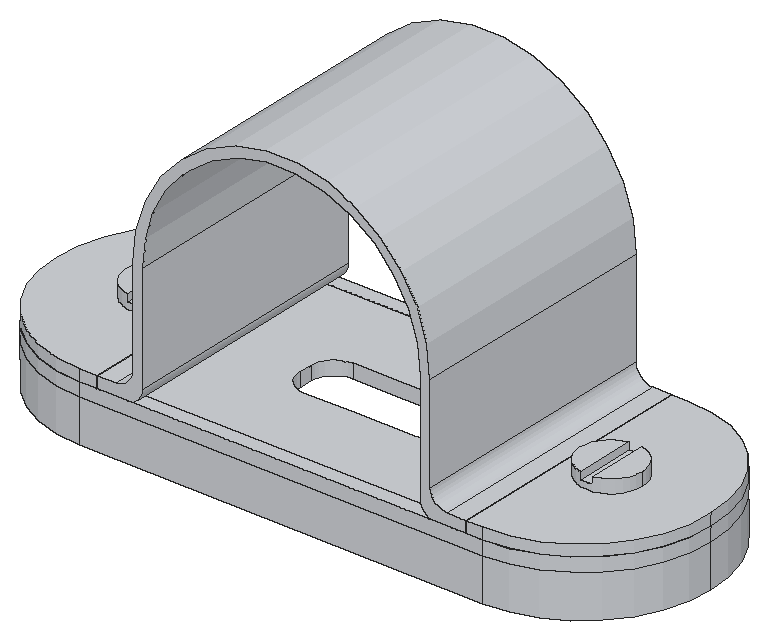
Revit family "SBS20BL", category Generic Models, Revit 2020
Family settings
  Can host rebar = No
  Round Connector Dimension = Use Diameter
  Part Type = Normal
  Work Plane-Based = Yes
  Always vertical = No
  Cut with Voids When Loaded = No
  Shared = No
  Room Calculation Point = No
Parameters (values of type "NBS Standard Parameters")
  Weight = "0.0205Kg"
  WarrantyStartDate [instance] = "1900-12-31T23:59:59"
  WarrantyGuarantorParts = "n/a"
  WarrantyGuarantorLabor = "n/a"
  WarrantyDurationUnit = "1 year"
  WarrantyDurationParts = "n/a"
  WarrantyDurationLabor = "n/a"
  WarrantyDescription = "n/a"
  Version = "1"
  Uniclass2 = "Pr_65_70_11_20"
  TagNumber [instance] = "n/a"
  SustainabilityPerformance = "n/a"
  Size = "20mm"
  Shape = "n/a"
  SerialNumber [instance] = "n/a"
  Revision = "n/a"
  ReplacementCost = "n/a"
  ProductInformation = "www.metpro.co.uk/pdf/sbs20bl.pdf"
  NominalWidth = 22 mm
  NominalLength = 57 mm
  NominalHeight = 23 mm
  Name = ""
  NBSTypeID = ""
  NBSReference = "90-55-10/460"
  NBSOfficeMasterTag = ""
  NBSNote = ""
  NBSDescription = "Conduit Fittings"
  NBSCertification = ""
  ModelReference = "SBS20BL"
  ModelNumber = "n/a"
  Material = "Pressed Steel"
  ManufacturerURL = "www.metpro.co.uk"
  ManufacturerName = "Metpro Ltd"
  InstallationDate [instance] = "1900-12-31T23:59:59"
  IfcExportType = ""
  IfcExportAs = ""
  Grade = "n/a"
  Finish = "Black"
  Features = "n/a"
  ExpectedLife = "n/a"
  DurationUnit = "year"
  Description = "SBS20B - 20mm Spacer Bar Saddle"
  Default Elevation = 1219.2 mm
  Constituents = "n/a"
  Color = "n/a"
  CodePerformance = "n/a"
  Category = "n/a"
  BarCode [instance] = "n/a"
  BIMObjectName = "Metpro_metprolibrary_conduitfittings_metalcomponent_steelaccessories"
  Author = "Metpro Ltd"
  AssetType = ""
  AssetIdentifier [instance] = "n/a"
  AccessibilityPerformance = "n/a"
Reference planes
  plane 1 "Center (Front/Back)": y = 0
  plane 2: z = 0
  plane 3 "Center (Left/Right)": x = 0
Forms (mm)
  Extrusion 1, solid
    sketch origin (0, 7.377, 11.123) x (1, 0, 0) y (0, 0, 1)
      loop
        line (10, 0) -> (10, -7.931)
        arc (10, -7.931) -> (10.299, -8.654) -> (11.022, -8.953) r 1.022
        line (11.022, -8.953) -> (13.292, -8.953) -> (13.292, -8.137) -> (11.908, -8.137)
        arc (11.908, -8.137) -> (11.059, -7.785) -> (10.708, -6.937) r 1.2
        line (10.708, -6.937) -> (10.708, 0)
        arc (10.708, 0) -> (0, 10.708) -> (-10.708, 0) r 10.708
        line (-10.708, 0) -> (-10.708, -6.919)
        arc (-10.708, -6.919) -> (-11.064, -7.78) -> (-11.925, -8.137) r 1.217
        line (-11.925, -8.137) -> (-13.292, -8.137) -> (-13.292, -8.953) -> (-11.048, -8.953)
        arc (-11.048, -8.953) -> (-10.307, -8.646) -> (-10, -7.906) r 1.048
        line (-10, -7.906) -> (-10, 0)
        arc (-10, 0) -> (0, 10) -> (10, 0) r 10
    from 0 to 18.5
  Extrusion 2, solid
    sketch origin (-23.542, 7.377, 2.17) x (0, -1, 0) y (-1, 0, 0)
      loop
        arc (18.5, -9.004) -> (15.772, -2.548) -> (9.241, -0.004) r 9.004
        arc (9.241, -0.004) -> (2.723, -2.543) -> (0, -8.987) r 8.987
        line (0, -8.987) -> (0, -38.099)
        arc (0, -38.099) -> (2.721, -44.541) -> (9.237, -47.081) r 8.986
        arc (9.237, -47.081) -> (15.771, -44.534) -> (18.5, -38.073) r 9.012
        line (18.5, -38.073) -> (18.5, -9.004)
      loop
        line (11.669, -23.542) -> (11.669, -19.735)
        arc (11.669, -19.735) -> (11.157, -18.499) -> (9.921, -17.987) r 1.748
        line (9.921, -17.987) -> (8.961, -17.987)
        arc (8.961, -17.987) -> (7.772, -18.48) -> (7.279, -19.67) r 1.683
        line (7.279, -19.67) -> (7.279, -27.345)
        arc (7.279, -27.345) -> (7.781, -28.557) -> (8.994, -29.06) r 1.715
        line (8.994, -29.06) -> (9.979, -29.06)
        arc (9.979, -29.06) -> (11.174, -28.565) -> (11.669, -27.37) r 1.69
        line (11.669, -27.37) -> (11.669, -23.542)
    from 0 to 1
  Extrusion 3, solid
    sketch origin (-23.542, 7.377, 1.17) x (0, -1, 0) y (1, 0, 0)
      loop
        line (18.5, 9.004) -> (18.5, 38.073)
        arc (18.5, 38.073) -> (15.771, 44.534) -> (9.237, 47.081) r 9.012
        arc (9.237, 47.081) -> (2.721, 44.541) -> (0, 38.099) r 8.986
        line (0, 38.099) -> (0, 8.987)
        arc (0, 8.987) -> (2.723, 2.543) -> (9.241, 0.004) r 8.987
        arc (9.241, 0.004) -> (15.772, 2.548) -> (18.5, 9.004) r 9.004
      loop
        line (17.5, 9.004) -> (17.5, 38.073)
        arc (17.5, 38.073) -> (15.064, 43.826) -> (9.237, 46.081) r 8.012
        arc (9.237, 46.081) -> (3.429, 43.834) -> (1, 38.099) r 7.986
        line (1, 38.099) -> (1, 8.987)
        arc (1, 8.987) -> (3.43, 3.25) -> (9.241, 1.004) r 7.987
        arc (9.241, 1.004) -> (15.065, 3.255) -> (17.5, 9.004) r 8.004
    from -3.103 to 1
  Extrusion 4, solid
    sketch origin (10.708, 7.377, 2.986) x (1, 0, 0) y (0, 1, 0)
      loop
        line (-25.246, -18.5) -> (-24, -18.5) -> (-24, 0) -> (-25.263, 0)
        arc (-25.263, 0) -> (-31.707, -2.723) -> (-34.246, -9.241) r 8.987
        arc (-34.246, -9.241) -> (-31.702, -15.772) -> (-25.246, -18.5) r 9.004
      loop
        line (3.849, 0) -> (2.585, 0) -> (2.585, -18.5) -> (3.823, -18.5)
        arc (3.823, -18.5) -> (10.284, -15.771) -> (12.831, -9.237) r 9.012
        arc (12.831, -9.237) -> (10.291, -2.721) -> (3.849, 0) r 8.986
      loop
        circle (5.644, -9.237) r 1.585
      loop
        circle (-27.059, -9.237) r 1.585
    from 0 to -0.8
  Extrusion 5, solid
    sketch origin (10.708, 7.377, 2.986) x (1, 0, 0) y (0, 1, 0)
      loop
        circle (5.644, -9.237) r 2.242
      loop
        circle (-27.066, -9.237) r 2.242
    from 0 to 0.948
  Extrusion 6, void
    sketch origin (10.708, 7.377, 3.934) x (0, 1, 0) y (1, 0, 0)
      loop
        line (-11.916, -26.587) -> (-11.916, -27.451) -> (-6.427, -27.451) -> (-6.427, -26.587) -> (-11.916, -26.587)
      loop
        line (-11.916, 5.172) -> (-6.427, 5.172) -> (-6.427, 6.036) -> (-11.916, 6.036) -> (-11.916, 5.172)
    from 0 to 0.5
Cuts and joins
  Extrusion 6 cuts Extrusion 2
  Extrusion 6 cuts Extrusion 4
  Extrusion 6 cuts Extrusion 5
Dimensions and locks
  aligned and locked: level to plane 2
